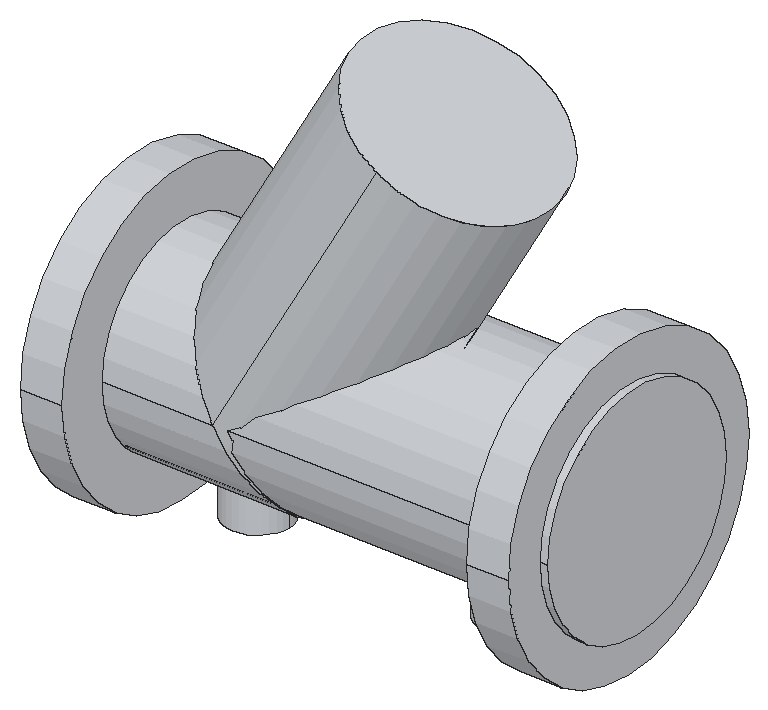
Revit family "HS 821-síto_jemné-PN16-DN150-RFA_2019", category Pipe Accessories, Revit 2019
Family settings
  Round Connector Dimension = Use Diameter
  Part Type = Breaks Into
  Work Plane-Based = No
  Always vertical = Yes
  Cut with Voids When Loaded = No
  Shared = No
Parameters (values of type "821A-DN150-PN16-síto_jemné")
  magiProductId = "2de770284b654863ae6bc865769dc5"
  magiProductFamilyId = "79214ac3aaa945e397802f559f5c1e"
  magiPartTypeId = 307
  isMeasuringValve [instance] = no
  ang2D [instance] = 0.00°
  ZB__ve = -ZB  # -44.75 mm
  ZB1 = 85.455 mm
  ZB = 44.75 mm
  X2 = 155.885 mm
  X1 = 67.2 mm
  W2D = 15 mm
  VersionID = "2.0/2017.9.26.1/ZETKAMA_821_001"
  Use Minimum Symbol Size [instance] = yes
  URL = "www.hydronix.cz"
  Type Comments = "Filtr přírubový; síto jemné; A-PN16 (-10~300°C); D-PN25 (-10~350°C); F-PN40 (-10~400°C)"
  S = 211 mm
  QmdConnectorList = "301;D;302;D"
  Productdata [instance] = ""
  Manufacturer = "Hydronix"
  MC Product Code = "210 192 (821A; DN150; PN16; kvs401,4; oko síta 0,63mm)"
  LM1 = 38.4 mm
  LM = 384 mm
  L4 = 120 mm
  L2D_Min = 3048 mm
  L2D = 130 mm
  L2 = 240 mm
  HH2 = 270 mm
  FD = 285 mm
  Description = "Filtr přírubový; síto jemné; 821A-PN16; 821D-PN25; 821F-PN40"
  DM1 = 192 mm
  DM = 189.9 mm
  D = 150 mm
  CC = 8.16 mm
  CAT0 = yes
  C1 = 39.84 mm
  C = 48 mm
  BD = 59.818 mm
Types (40, lengths in mm): name | magiProductId | ZB__ve | ZB1 | ZB | X2 | X1 | S | MC Product Code | LM1 | LM | L4 | L2 | HH2 | FD | DM1 | DM | D | CC | C1 | C | BD
  821A-DN015-PN16-síto_jemné | "a71bcfe8b393460598b23e8ddf7dc5" | -16.25 | 18.63 | 16.25 | 46.982 | 18.2 | 46 | "210 115 (821A; DN015; PN16; kvs6,2; oko síta 0,63mm)" | 10.4 | 104 | 32.5 | 65 | 81.375 | 95 | 27.6 | 41.4 | 15 | 2.21 | 10.79 | 13 | 13.041
  821A-DN020-PN16-síto_jemné | "41cd6c7a12924f4991217528336076" | -17.75 | 22.68 | 17.75 | 51.673 | 21 | 56 | "210 120 (821A; DN020; PN16; kvs9,6; oko síta 0,63mm)" | 12 | 120 | 37.5 | 75 | 89.5 | 105 | 33.6 | 50.4 | 20 | 2.55 | 12.45 | 15 | 15.876
  821A-DN025-PN16-síto_jemné | "be378b463ed14c3abf4c9b3ae8cf3a" | -19.25 | 26.325 | 19.25 | 58.601 | 22.4 | 65 | "210 125 (821A; DN025; PN16; kvs14,2; oko síta 0,63mm)" | 12.8 | 128 | 40 | 80 | 101.5 | 115 | 43.2 | 58.5 | 25 | 2.72 | 13.28 | 16 | 18.427
  821A-DN032-PN16-síto_jemné | "227a0d18b21540afabe8b6067d35fa" | -23 | 30.78 | 23 | 68.849 | 25.2 | 76 | "210 132 (821A; DN032; PN16; kvs23,1; oko síta 0,63mm)" | 14.4 | 144 | 45 | 90 | 119.25 | 140 | 50.4 | 68.4 | 32 | 3.06 | 14.94 | 18 | 21.546
  821A-DN040-PN16-síto_jemné | "d106917c74724141a10440112d0102" | -24.5 | 34.02 | 24.5 | 75.777 | 28 | 84 | "210 140 (821A; DN040; PN16; kvs36,6; oko síta 0,63mm)" | 16 | 160 | 50 | 100 | 131.25 | 150 | 60 | 75.6 | 40 | 3.4 | 16.6 | 20 | 23.814
  821A-DN050-PN16-síto_jemné | "8255d456a09e4f6486734f5dd9171b" | -26.75 | 40.095 | 26.75 | 79.061 | 32.2 | 99 | "210 150 (821A; DN050 PN16; kvs53,7; oko síta 0,63mm)" | 18.4 | 184 | 57.5 | 115 | 136.938 | 165 | 73.8 | 89.1 | 50 | 3.91 | 19.09 | 23 | 28.066
  821A-DN065-PN16-síto_jemné | "235b1b3e4c0843779a4d5e3716d40a" | -29.75 | 47.79 | 29.75 | 86.927 | 40.6 | 118 | "210 165 (821A; DN065; PN16; kvs95,1; oko síta 0,63mm)" | 23.2 | 232 | 72.5 | 145 | 150.562 | 185 | 94.2 | 106.2 | 65 | 4.93 | 24.07 | 29 | 33.453
  821A-DN080-PN16-síto_jemné | "a067f7c5236348ed8c820d16df7214" | -32 | 53.46 | 32 | 104.753 | 43.4 | 132 | "210 180 (821A; DN080; PN16; kvs137,1; oko síta 0,63mm)" | 24.8 | 248 | 77.5 | 155 | 181.438 | 200 | 107.4 | 118.8 | 80 | 5.27 | 25.73 | 31 | 37.422
  821A-DN100-PN16-síto_jemné | "c49a648c2747461285837d643703cd" | -35 | 63.18 | 35 | 114.857 | 49 | 156 | "210 190 (821A; DN100; PN16; kvs206,4; oko síta 0,63mm)" | 28 | 280 | 87.5 | 175 | 198.937 | 220 | 131.4 | 140.4 | 100 | 5.95 | 29.05 | 35 | 44.226
  821A-DN125-PN16-síto_jemné | "bf68e728a163493cbd2a663b26ebdc" | -39.5 | 74.52 | 39.5 | 131.888 | 56 | 184 | "210 191 (821A; DN125; PN16; kvs268,8; oko síta 0,63mm)" | 32 | 320 | 100 | 200 | 228.438 | 250 | 165 | 165.6 | 125 | 6.8 | 33.2 | 40 | 52.164
  821A-DN150-PN16-síto_jemné | "2de770284b654863ae6bc865769dc5" | -44.75 | 85.455 | 44.75 | 155.885 | 67.2 | 211 | "210 192 (821A; DN150; PN16; kvs401,4; oko síta 0,63mm)" | 38.4 | 384 | 120 | 240 | 270 | 285 | 192 | 189.9 | 150 | 8.16 | 39.84 | 48 | 59.818
  821A-DN200-PN16-síto_jemné | "8e5693371ab64aabb29a7f08c76e15" | -53 | 107.73 | 53 | 188.361 | 84 | 266 | "210 193 (821A; DN200; PN16; kvs706,7; oko síta 0,63mm)" | 48 | 480 | 150 | 300 | 326.25 | 340 | 252 | 239.4 | 200 | 10.2 | 49.8 | 60 | 75.411
  821A-DN250-PN16-síto_jemné | "05e37ed948c34047acdd4c42556504" | -62.75 | 129.195 | 62.75 | 255.911 | 102.2 | 319 | "210 194 (821A; DN250; PN16; kvs1229,4; oko síta 0,63mm)" | 58.4 | 584 | 182.5 | 365 | 443.25 | 405 | 309.6 | 287.1 | 250 | 12.41 | 60.59 | 73 | 90.436
  821A-DN300-PN16-síto_jemné | "9ad0af747269428da925480d83ce80" | -71 | 149.85 | 71 | 325.914 | 119 | 370 | "210 195 (821A; DN300; PN16; kvs1902,4; oko síta 0,63mm)" | 68 | 680 | 212.5 | 425 | 564.5 | 460 | 369.6 | 333 | 300 | 14.45 | 70.55 | 85 | 104.895
  821A-DN350-PN16-síto_jemné | "eebc71459bb3451bb4355e7951370a" | -80 | 173.745 | 80 | 356.875 | 137.2 | 429 | "200 196 (821A; DN350; PN16; kvs2611,0; oko síta 0,63mm)" | 78.4 | 784 | 245 | 490 | 618.125 | 520 | 438 | 386.1 | 350 | 16.66 | 81.34 | 98 | 121.621
  821A-DN400-PN16-síto_jemné | "d2f677cb196647e385b2590e7d8abe" | -89 | 194.4 | 89 | 392.237 | 154 | 480 | "210 197 (821A; DN400; PN16; kvs3438,4; oko síta 0,63mm)" | 88 | 880 | 275 | 550 | 679.375 | 580 | 498 | 432 | 400 | 18.7 | 91.3 | 110 | 136.08
  821D-DN015-PN25-síto_jemné | "27ddcbf555414f8ca1fde329bf9087" | -16.25 | 18.63 | 16.25 | 46.982 | 18.2 | 46 | "210 215 (821D; DN015; PN25; kvs6,2; oko síta 0,63mm)" | 10.4 | 104 | 32.5 | 65 | 81.375 | 95 | 27.6 | 41.4 | 15 | 2.21 | 10.79 | 13 | 13.041
  821D-DN020-PN25-síto_jemné | "270e0f14012f47189cd0235c18faee" | -17.75 | 22.68 | 17.75 | 51.673 | 21 | 56 | "210 220 (821D; DN020; PN25; kvs9,6; oko síta 0,63mm)" | 12 | 120 | 37.5 | 75 | 89.5 | 105 | 33.6 | 50.4 | 20 | 2.55 | 12.45 | 15 | 15.876
  821D-DN025-PN25-síto_jemné | "b9a7fb4aa36643878c637d8e1ab992" | -19.25 | 26.325 | 19.25 | 58.601 | 22.4 | 65 | "210 225 (821D; DN025; PN25; kvs14,2; oko síta 0,63mm)" | 12.8 | 128 | 40 | 80 | 101.5 | 115 | 43.2 | 58.5 | 25 | 2.72 | 13.28 | 16 | 18.427
  821D-DN032-PN25-síto_jemné | "6be9a55c4e68400f94eec7e804204c" | -23 | 30.78 | 23 | 68.849 | 25.2 | 76 | "210 232 (821D; DN032; PN25; kvs23,1; oko síta 0,63mm)" | 14.4 | 144 | 45 | 90 | 119.25 | 140 | 50.4 | 68.4 | 32 | 3.06 | 14.94 | 18 | 21.546
  821D-DN040-PN25-síto_jemné | "c54511bd7f584ec2984291479612cb" | -24.5 | 34.02 | 24.5 | 75.777 | 28 | 84 | "210 240 (821D; DN040; PN25; kvs36,6; oko síta 0,63mm)" | 16 | 160 | 50 | 100 | 131.25 | 150 | 60 | 75.6 | 40 | 3.4 | 16.6 | 20 | 23.814
  821D-DN050-PN25-síto_jemné | "5483b1f596b04cd39b23a14a22c90e" | -26.75 | 40.095 | 26.75 | 79.061 | 32.2 | 99 | "210 250 (821D; DN050; PN25; kvs53,7; oko síta 0,63mm)" | 18.4 | 184 | 57.5 | 115 | 136.938 | 165 | 73.8 | 89.1 | 50 | 3.91 | 19.09 | 23 | 28.066
  821D-DN065-PN25-síto_jemné | "767b0f8318e94750bc7a9930ed5b30" | -29.75 | 47.79 | 29.75 | 86.927 | 40.6 | 118 | "210 265 (821D; DN065; PN25; kvs95,1; oko síta 0,63mm)" | 23.2 | 232 | 72.5 | 145 | 150.562 | 185 | 94.2 | 106.2 | 65 | 4.93 | 24.07 | 29 | 33.453
  821D-DN080-PN25-síto_jemné | "e21040fa3cc2404b858198f6b73709" | -32 | 53.46 | 32 | 104.753 | 43.4 | 132 | "210 280 (821D; DN080; PN25; kvs137,1; oko síta 0,63mm)" | 24.8 | 248 | 77.5 | 155 | 181.438 | 200 | 107.4 | 118.8 | 80 | 5.27 | 25.73 | 31 | 37.422
  821D-DN100-PN25-síto_jemné | "175ca87a506b40b3bc6b82f12f33cf" | -37.25 | 63.18 | 37.25 | 114.857 | 49 | 156 | "210 290 (821D; DN100; PN25; kvs206,4; oko síta 0,63mm)" | 28 | 280 | 87.5 | 175 | 198.937 | 235 | 131.4 | 140.4 | 100 | 5.95 | 29.05 | 35 | 44.226
  821D-DN125-PN25-síto_jemné | "77cc98d60da24855999a22dff726b2" | -42.5 | 74.52 | 42.5 | 131.888 | 56 | 184 | "210 291 (821D; DN125; PN25; kvs268,8; oko síta 0,63mm)" | 32 | 320 | 100 | 200 | 228.438 | 270 | 165 | 165.6 | 125 | 6.8 | 33.2 | 40 | 52.164
  821D-DN150-PN25-síto_jemné | "9cf8acfcd15547d68e83172d3abcbe" | -47 | 85.455 | 47 | 155.885 | 67.2 | 211 | "210 292 (821D; DN150; PN25; kvs401,4; oko síta 0,63mm)" | 38.4 | 384 | 120 | 240 | 270 | 300 | 192 | 189.9 | 150 | 8.16 | 39.84 | 48 | 59.818
  821D-DN200-PN25-síto_jemné | "16973f3c9ea14389ba8602495a6b64" | -56 | 110.97 | 56 | 188.361 | 84 | 274 | "210 293 (821D; DN200; PN25; kvs706,7; oko síta 0,63mm)" | 48 | 480 | 150 | 300 | 326.25 | 360 | 252 | 246.6 | 200 | 10.2 | 49.8 | 60 | 77.679
  821F-DN015-PN40-síto_jemné | "4c7eaf3c4c0340888b3e684d8a8616" | -16.25 | 18.225 | 16.25 | 46.982 | 18.2 | 45 | "250 615 (821F; DN015; PN40; kvs6,2; oko síta 0,63mm)" | 10.4 | 104 | 32.5 | 65 | 81.375 | 95 | 27.6 | 40.5 | 15 | 2.21 | 10.79 | 13 | 12.757
  821F-DN020-PN40-síto_jemné | "aaac5f1ec96b44d6ba96ac2293d66d" | -17.75 | 23.49 | 17.75 | 51.673 | 21 | 58 | "250 620 (821F; DN020; PN40; kvs9,6; oko síta 0,63mm)" | 12 | 120 | 37.5 | 75 | 89.5 | 105 | 33.6 | 52.2 | 20 | 2.55 | 12.45 | 15 | 16.443
  821F-DN025-PN40-síto_jemné | "504768023968471481789485b54c7e" | -19.25 | 27.54 | 19.25 | 58.601 | 22.4 | 68 | "250 625 (821F; DN025; PN40; kvs14,2; oko síta 0,63mm)" | 12.8 | 128 | 40 | 80 | 101.5 | 115 | 43.2 | 61.2 | 25 | 2.72 | 13.28 | 16 | 19.278
  821F-DN032-PN40-síto_jemné | "165e7f39cf744f329bdf1c400dad12" | -23 | 31.59 | 23 | 68.849 | 25.2 | 78 | "250 632 (821F; DN032; PN40; kvs23,1; oko síta 0,63mm)" | 14.4 | 144 | 45 | 90 | 119.25 | 140 | 50.4 | 70.2 | 32 | 3.06 | 14.94 | 18 | 22.113
  821F-DN040-PN40-síto_jemné | "b8903f952089408fbf3a5a632bab1f" | -24.5 | 35.64 | 24.5 | 75.777 | 28 | 88 | "250 640 (821F; DN040; PN40; kvs36,6; oko síta 0,63mm)" | 16 | 160 | 50 | 100 | 131.25 | 150 | 60 | 79.2 | 40 | 3.4 | 16.6 | 20 | 24.948
  821F-DN050-PN40-síto_jemné | "c451f97266fe48da8f879cb6a2bd44" | -26.75 | 41.31 | 26.75 | 79.061 | 32.2 | 102 | "250 650 (821F; DN050; PN40; kvs53,7; oko síta 0,63mm)" | 18.4 | 184 | 57.5 | 115 | 136.938 | 165 | 73.8 | 91.8 | 50 | 3.91 | 19.09 | 23 | 28.917
  821F-DN065-PN40-síto_jemné | "dc9821e3f9b34e128f6a8c6b34c198" | -29.75 | 49.41 | 29.75 | 86.927 | 40.6 | 122 | "250 665 (821F; DN065; PN40; kvs95,1; oko síta 0,63mm)" | 23.2 | 232 | 72.5 | 145 | 150.562 | 185 | 94.2 | 109.8 | 65 | 4.93 | 24.07 | 29 | 34.587
  821F-DN080-PN40-síto_jemné | "689aa1e260f84cf4994f027a1d86b5" | -32 | 55.89 | 32 | 104.753 | 43.4 | 138 | "250 680 (821F; DN080; PN40; kvs137,1; oko síta 0,63mm)" | 24.8 | 248 | 77.5 | 155 | 181.438 | 200 | 107.4 | 124.2 | 80 | 5.27 | 25.73 | 31 | 39.123
  821F-DN100-PN40-síto_jemné | "8a45d4e8e2ab425f8c432f21d684f3" | -37.25 | 65.61 | 37.25 | 114.857 | 49 | 162 | "250 690 (821F; DN100; PN40; kvs206,4; oko síta 0,63mm)" | 28 | 280 | 87.5 | 175 | 198.937 | 235 | 131.4 | 145.8 | 100 | 5.95 | 29.05 | 35 | 45.927
  821F-DN125-PN40-síto_jemné | "cf073904c006406b8645afa67ea2fc" | -42.5 | 76.14 | 42.5 | 131.888 | 56 | 188 | "250 691 (821F; DN125; PN40; kvs268,8; oko síta 0,63mm)" | 32 | 320 | 100 | 200 | 228.438 | 270 | 165 | 169.2 | 125 | 6.8 | 33.2 | 40 | 53.298
  821F-DN150-PN40-síto_jemné | "0153b9ddabe14992a630484929fdbc" | -47 | 88.29 | 47 | 155.885 | 67.2 | 218 | "250 692 (821F; DN150; PN40; kvs401,4; oko síta 0,63mm)" | 38.4 | 384 | 120 | 240 | 270 | 300 | 192 | 196.2 | 150 | 8.16 | 39.84 | 48 | 61.803
  821F-DN200-PN40-síto_jemné | "7fb3fc01dd8d42428c203e3f8dd4d5" | -56 | 115.425 | 56 | 188.361 | 84 | 285 | "250 693 (821F; DN200; PN40; kvs706,7; oko síta 0,63mm)" | 48 | 480 | 150 | 300 | 326.25 | 360 | 252 | 256.5 | 200 | 10.2 | 49.8 | 60 | 80.797
Reference planes
  plane 1 "Center (Front/Back)": y = 0
  plane 2 "XYPLANE": z = 0
  plane 3 "Center (Left/Right)": x = 0
  plane 4 "109": x = -153.6
  plane 5 "108": x = 192
  plane 6 "107": x = -192
  plane 7 "105": x = 240
  plane 8 "104": x = -240
  plane 9 "103": y = 0
  plane 10 "102": z = 0
  plane 11 "101": x = -231.84
  plane 12 "100": x = 231.84
  plane 13 "11": x = -86.4
  plane 14 "10": z = 270
  plane 15 "9": x = 69.485
  plane 16 "5": z = -85.455
  plane 17 "4": x = -120
  plane 18 "1": x = 120
Forms (mm)
  Extrusion 1, solid, visible <- "CAT0"
    sketch origin (-192, -750, 0) x (0, 1, 0) y (0, 0, 1)
      loop
        circle (750, 0) r 94.95
    from 0 to 384 <- "LM"
  Extrusion 2, solid
    sketch origin (-240, -750, 0) x (0, 1, 0) y (0, 0, 1)
      loop
        circle (750, 0) r 105.5
    from 0 to 8.16 <- "CC"
  Extrusion 3, solid
    sketch origin (-231.84, -750, 0) x (0, 1, 0) y (0, 0, 1)
      loop
        circle (750, 0) r 142.5
    from 0 to 39.84 <- "C1"
  Extrusion 4, solid
    sketch origin (192, -750, 0) x (0, 1, 0) y (0, 0, 1)
      loop
        circle (750, 0) r 142.5
    from 0 to 39.84 <- "C1"
  Extrusion 5, solid
    sketch origin (231.84, -750, 0) x (0, 1, 0) y (0, 0, 1)
      loop
        circle (750, 0) r 105.5
    from 0 to 8.16 <- "CC"
  Sweep 6, solid, visible <- "CAT0"
    path origin (750, 0, 0) x (-1, 0, 0) y (0, 0, 1)
      loop
        line (942, 0) -> (836.4, 0) -> (680.515, 270)
    profile origin (-192, 0, 0) x (0, 0, -1) y (0, 1, 0)
      loop
        circle (0, 0) r 96
  Extrusion 7, solid, visible <- "CAT0"
    sketch origin (-750, 0, -85.455) x (1, 0, 0) y (0, 1, 0)
      loop
        circle (630, 0) r 29.909
    from 0 to -44.75 <- "ZB__ve"
  Extrusion 8, solid, visible <- "CAT0"
    sketch origin (-750, 0, -85.455) x (1, 0, 0) y (0, 1, 0)
      loop
        circle (870, 0) r 29.909
    from 0 to -44.75 <- "ZB__ve"
  Extrusion 9, solid, not visible
    sketch origin (240, -750, 0) x (0, 1, 0) y (0, 0, 1)
      loop
        circle (750, 0) r 10
    from 0 to -10
  Extrusion 10, solid, not visible
    sketch origin (-240, -750, 0) x (0, 1, 0) y (0, 0, 1)
      loop
        circle (750, 0) r 10
    from 0 to 10
Lines and regions (mm)
  reference lines, not visible
    curve 1: circle (2, 2, 0) r 1 normal (0, 0, 1)
Dimensions and locks
  plane 1 "Center (Front/Back)" to curve 1 = 2 mm
  "LM1": plane 6 "107" to plane 4 "109"
  "LM": plane 6 "107" to plane 5 "108"
  "C": plane 8 "104" to plane 6 "107"
  "L2": plane 3 "Center (Left/Right)" to plane 7 "105"
  "L2": plane 3 "Center (Left/Right)" to plane 8 "104"
  locked: plane 1 "Center (Front/Back)" to plane 9 "103"
  locked: plane 2 "XYPLANE" to plane 10 "102"
  "CC": plane 8 "104" to plane 11 "101"
  "C1": plane 5 "108" to plane 12 "100"
  "X1": plane 4 "109" to plane 13 "11"
  "HH2": plane 2 "XYPLANE" to plane 14 "10"
  "X2": plane 13 "11" to plane 15 "9"
  "ZB1": plane 2 "XYPLANE" to plane 16 "5"
  "L4": plane 8 "104" to plane 17 "4"
  "L2": plane 17 "4" to plane 18 "1"
  Sweep 6 sketch curve to Sweep 6 sketch curve = 0 mm  (x2)
  "DM": diameter of Extrusion 1 sketch curve
  "S": diameter of Extrusion 2 sketch curve
  "FD": diameter of Extrusion 3 sketch curve
  "FD": diameter of Extrusion 4 sketch curve
  "S": diameter of Extrusion 5 sketch curve
  "DM1": diameter of Sweep 6 sketch curve
  "BD": diameter of Extrusion 7 sketch curve
  "BD": diameter of Extrusion 8 sketch curve
  aligned and locked: level to plane 2 "XYPLANE"
  aligned and locked: Extrusion 1 sketch curve to plane 9 "103"
  aligned and locked: plane 10 "102" to Extrusion 1 sketch curve
  aligned and locked: Extrusion 2 sketch curve to plane 9 "103"
  aligned and locked: plane 10 "102" to Extrusion 2 sketch curve
  aligned and locked: Extrusion 3 sketch curve to plane 9 "103"
  aligned and locked: plane 10 "102" to Extrusion 3 sketch curve
  aligned and locked: Extrusion 4 sketch curve to plane 9 "103"
  aligned and locked: plane 10 "102" to Extrusion 4 sketch curve
  aligned and locked: Extrusion 5 sketch curve to plane 9 "103"
  aligned and locked: plane 10 "102" to Extrusion 5 sketch curve
  aligned and locked: Sweep 6 sketch curve to plane 9 "103"
  aligned and locked: plane 10 "102" to Sweep 6 sketch curve  (x3)
  aligned and locked: plane 6 "107" to Sweep 6 sketch curve
  aligned and locked: plane 13 "11" to Sweep 6 sketch curve
  aligned and locked: plane 14 "10" to Sweep 6 sketch curve
  aligned and locked: plane 15 "9" to Sweep 6 sketch curve
  aligned and locked: plane 9 "103" to Extrusion 7 sketch curve
  aligned and locked: plane 17 "4" to Extrusion 7 sketch curve
  aligned and locked: plane 9 "103" to Extrusion 8 sketch curve
  aligned and locked: plane 18 "1" to Extrusion 8 sketch curve
  aligned and locked: Extrusion 9 sketch curve to plane 9 "103"
  aligned and locked: plane 10 "102" to Extrusion 9 sketch curve
  aligned and locked: Extrusion 10 sketch curve to plane 9 "103"
  aligned and locked: plane 10 "102" to Extrusion 10 sketch curve
Automatic sketch dimensions
  plane 1 "Center (Front/Back)" to Extrusion 9 sketch curve = 10 mm
  plane 1 "Center (Front/Back)" to Extrusion 10 sketch curve = 10 mm
  plane 3 "Center (Left/Right)" to curve 1 = 2 mm
  radius of curve 1 = 1 mm
Connectors
  piping at (-240, 0, 0), diameter 150, driven by "D"
    settings: on Extrusion 10, index 1, connector inside diameter 609.6 mm, connector length 0 mm, flow factor 0, pipe flow 0.0 L/s, pressure drop 0.0 Pa, fitting loss kfactor 0, connector angle 0.00°, fixture units 0, engagement length 0 mm, angle of deflection 0.00°, flow configuration 0, flow direction 0, fitting loss method 0, system type 29, joint type 0, gender type 0, connector reference index 2, connector utility 0, adjustable connector no, is connector primary yes, connector description ""
  piping at (240, 0, 0), diameter 150, driven by "D"
    settings: on Extrusion 9, index 2, connector inside diameter 609.6 mm, connector length 0 mm, flow factor 0, pipe flow 0.0 L/s, pressure drop 0.0 Pa, fitting loss kfactor 0, connector angle 0.00°, fixture units 0, engagement length 0 mm, angle of deflection 0.00°, flow configuration 0, flow direction 0, fitting loss method 0, system type 29, joint type 0, gender type 0, connector reference index 1, connector utility 0, adjustable connector no, is connector primary no, connector description ""
